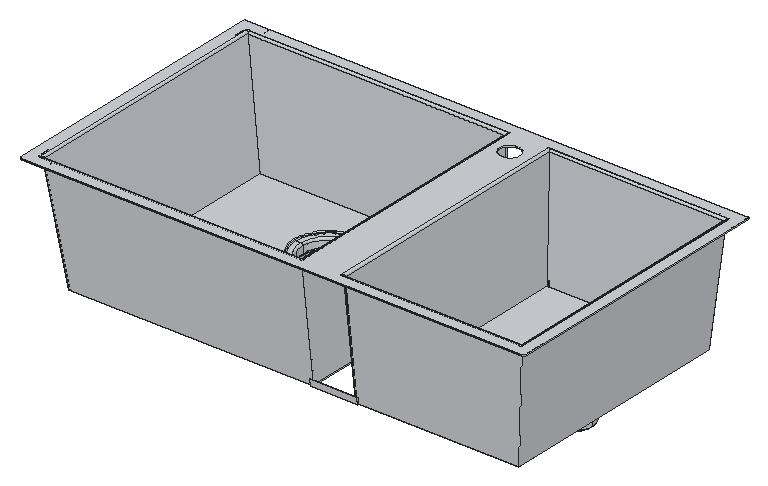
Revit family "Sink-Top_Undermount-Kitchen-KOHLER-GEOG-K-3748T_1", category Plumbing Fixtures, host Face, Revit 2017
Family settings
  Host = Face
  Round Connector Dimension = Use Diameter
  Part Type = Normal
  OmniClass Number = 23.31.13.00
  OmniClass Title = Sinks
  Cut with Voids When Loaded = No
  Shared = No
  Room Calculation Point = No
Parameters (values of type "NA-Stainless Steel")
  Width = 33.85827"  # constant formula
  WaterSense Certified = 1 = 0  # no
  Waste Water Outlet 2 = "Waste Water Outlet 2"  # constant formula
  Waste Water Outlet 1 = "Waste Water Outlet 1"  # constant formula
  Waste Connection = 1 = 1  # yes
  Vent Connection = 1 = 0  # no
  URL = "http://www.kohler.com.cn/"
  Type = 1
  Product Page URL = ""
  Product Name = "GEOG"  # constant formula
  Product Documentation Link = ""
  Model = "K-3748T-1F-NA"  # constant formula
  Material = "Stainless Steel"  # constant formula
  Master Format 2014 Name = "Residential Lavatories and Sinks"  # constant formula
  Master Format 2014 = "22 41 16"  # constant formula
  Manufacturer Address = "Kohler Beijing Office (100016) 36-2-03-B, No. 88, Liuxiang Road, Beijing"  # constant formula
  Manufacturer = "KOHLER Co."  # constant formula
  Length = 18.89764"  # constant formula
  Hot Water Inlet = "Hot Water Inlet"  # constant formula
  Height = 8.32677"  # constant formula
  HW Connection = 1 = 0  # no
  Finish = Kohler-Metal-NA-Stainless
  Environmental Product Declaration = ""
  Drain Included = 1 = 1  # yes
  Description = "1.5 Bowl"  # constant formula
  Default Elevation = 36"
  Declare Label = ""
  Date Modified = "11/12/2020"  # constant formula
  Date Created = "11/12/2020"  # constant formula
  Copyright = "Copyright KOHLER Co."  # constant formula
  Contact Us = "http://www.kohler.com.cn/contact/contact-us/"
  Cold Water Inlet = "Cold Water Inlet"  # constant formula
  CW Connection = 1 = 0  # no
  Assembly Code = "D2010400"
  ADA Compliant = 1 = 0  # no
Reference planes (in)
  plane 1 "Center (Front/Back)": y = 0
  plane 2: z = 0
  plane 3 "Center (Left/Right)": x = 0
  plane 4: y = 9.4488189
  plane 5: y = 7.0866142
  plane 6: y = 3.9370079
  plane 7: x = -6.8818898
  plane 8: x = 2.7559055
  plane 9: x = 9.6377953
  plane 10: x = 16.9291339
  plane 11: x = -16.9291339
  plane 12: y = -9.4488189
  plane 13: z = -8.2322835
  plane 14: z = -12.2401654
  plane 15: z = 0.0944882
Forms (in)
  Extrusion 1, void
    sketch origin (0, 0, 0) x (1, 0, 0) y (0, 1, 0)
      loop
        line (-16.2992126, 8.75) -> (-16.2992126, -8.75) -> (16.2992126, -8.75) -> (16.2992126, 8.75) -> (-16.2992126, 8.75)
    from 0 to -12.2401654
Dimensions and locks (in)
  "Length": plane 4 to plane 12
  "Width": plane 11 to plane 10
  plane 4 to plane 6 = 5.51181"
  plane 4 to plane 5 = 2.3622"
  plane 11 to plane 7 = 10.04724"
  plane 8 to plane 10 = 14.17323"
  plane 9 to plane 10 = 7.29134"
  plane 7 to plane 8 = 9.6378"
  "Height": plane 15 to plane 13
  plane 15 to plane 14 = 12.33465"
  plane 15 to level = 0.09449"
  aligned and locked: plane 2 to host face
  aligned and locked: level to host face
  aligned and locked: Extrusion 1 to plane 14
Automatic sketch dimensions
  host sketch curve to host sketch curve = 96"  (x2)
  Extrusion 1 sketch curve to plane 11 = 0.62992"
  Extrusion 1 sketch curve to plane 4 = 0.69882"
  Extrusion 1 sketch curve to plane 12 = 0.69882"
  plane 10 to Extrusion 1 sketch curve = 0.62992"
Nested families (in)
  nested 1: "K-3748T" at (0, 0, 0), type "K-3748T"
Connectors (in)
  piping at (-6.8818898, 3.9370079, -12.2401654), diameter 1.5, driven by "Waste Connection", driven by "Waste Water Outlet 1"
    settings: on nested 1, index 1, connector inside diameter 24", connector length 0", flow factor 0, pipe flow 0 GPM, pressure drop 0.00 psi, fitting loss kfactor 0, connector angle 0.00°, fixture units 0, engagement length 0", angle of deflection 0.00°, flow configuration 0, flow direction 2, fitting loss method 0, system type 16, joint type 0, gender type 0, connector reference index -1, connector utility 1, adjustable connector no, is connector primary yes, connector description "Waste Water Outlet 1"
  piping at (9.6377953, 3.9370079, -12.2401654), diameter 1.5, driven by "Waste Connection", driven by "Waste Water Outlet 2"
    settings: on nested 1, index 2, connector inside diameter 24", connector length 0", flow factor 0, pipe flow 0 GPM, pressure drop 0.00 psi, fitting loss kfactor 0, connector angle 0.00°, fixture units 0, engagement length 0", angle of deflection 0.00°, flow configuration 0, flow direction 2, fitting loss method 0, system type 16, joint type 0, gender type 0, connector reference index -1, connector utility 1, adjustable connector no, is connector primary no, connector description "Waste Water Outlet 2"
Definition of nested family "K-3748T"
  Parameters (values of type "K-3748T")
    Material = none
  Reference planes (in)
    plane 1 "Center (Front/Back)": y = 0
    plane 2: z = 0
    plane 3 "Center (Left/Right)": x = 0
    plane 4: x = -16.9291339
    plane 5: x = 16.9291339
    plane 6: y = 9.4488189
    plane 7: y = -9.4488189
    plane 8: x = -6.8818898
    plane 9: x = 9.6377953
    plane 10 "111": y = 3.9370079
    plane 11: x = 2.7559055
    plane 12: y = 7.0866142
    plane 13: z = -12.2401654
    plane 14: z = -8.2322835
    plane 15: z = 0.0944882
  Forms (in)
    Extrusion 1, solid, material <- "Material", detail levels medium+fine
      sketch origin (0, 0, 0) x (1, 0, 0) y (0, 1, 0)
        loop
          arc (-16.9291339, -9.2913386) -> (-16.8830089, -9.402694) -> (-16.7716535, -9.4488189) r 0.1574803
          line (-16.7716535, -9.4488189) -> (16.7716535, -9.4488189)
          arc (16.7716535, -9.4488189) -> (16.8830089, -9.402694) -> (16.9291339, -9.2913386) r 0.1574803
          line (16.9291339, -9.2913386) -> (16.9291339, 9.2913386)
          arc (16.9291339, 9.2913386) -> (16.8830089, 9.402694) -> (16.7716535, 9.4488189) r 0.1574803
          line (16.7716535, 9.4488189) -> (-16.7716535, 9.4488189)
          arc (-16.7716535, 9.4488189) -> (-16.8830089, 9.402694) -> (-16.9291339, 9.2913386) r 0.1574803
          line (-16.9291339, 9.2913386) -> (-16.9291339, -9.2913386)
        loop
          line (-16.1629489, 8.6967176) -> (-16.1629489, -8.6826339) -> (1.4566929, -8.6826339) -> (1.4566929, 8.6967176) -> (-16.1629489, 8.6967176)
        loop
          line (4.0551181, 8.6967176) -> (4.0551181, -8.6826339) -> (16.1629489, -8.6826339) -> (16.1629489, 8.6967176) -> (4.0551181, 8.6967176)
        loop
          circle (2.7559055, 7.0866142) r 0.6887804
      from 0.0472441 to 0.0944882
    Sweep 2, solid, material <- "Material", detail levels medium+fine
      path origin (0, 0, 0) x (1, 0, 0) y (0, 1, 0)
        loop
          line (1.4566929, -8.6826339) -> (-16.1629489, -8.6826339) -> (-16.1629489, 8.6967176)
      profile origin (-16.1629489, 0.0070419, 0) x (-1, 0, 0) y (0, 0, 1)
        loop
          line (0.0721036, 0.0472441) -> (0.0721036, 0.0944882) -> (0, 0.0944882)
          arc (0, 0.0944882) -> (-0.1043496, 0.0549537) -> (-0.1563065, -0.0438001) r 0.1574803
          line (-0.1563065, -0.0438001) -> (-1.1347559, -8.0126315) -> (-1.0871571, -8.0126315) -> (-0.1094145, -0.0495577)
          arc (-0.1094145, -0.0495577) -> (-0.0730447, 0.0195699) -> (0, 0.0472441) r 0.1102362
          line (0, 0.0472441) -> (0.0721036, 0.0472441)
    Sweep 3, solid, material <- "Material", detail levels medium+fine
      path origin (0, 0, 0) x (1, 0, 0) y (0, 1, 0)
        loop
          line (16.1629489, 8.6967176) -> (16.1629489, -8.6826339) -> (4.0551181, -8.6826339)
      profile origin (10.1090335, -8.6826339, 0) x (0, -1, 0) y (0, 0, 1)
        loop
          line (-0.1563065, -0.0438001) -> (-1.1347559, -8.0126315) -> (-1.0871571, -8.0126315) -> (-0.1094145, -0.0495577)
          arc (-0.1094145, -0.0495577) -> (-0.0730447, 0.0195699) -> (0, 0.0472441) r 0.1102362
          line (0, 0.0472441) -> (0, 0.0944882)
          arc (0, 0.0944882) -> (-0.1043496, 0.0549537) -> (-0.1563065, -0.0438001) r 0.1574803
    Sweep 4, solid, material <- "Material", detail levels medium+fine
      path origin (0, 0, 0) x (1, 0, 0) y (0, 1, 0)
        loop
          line (1.4566929, 8.6967176) -> (1.4566929, -8.6826339)
      profile origin (1.4566929, 0.0070419, 0) x (1, 0, 0) y (0, 0, 1)
        loop
          arc (-0.1102362, -0.0629921) -> (-0.0779488, 0.0149567) -> (0, 0.0472441) r 0.1102362
          line (0, 0.0472441) -> (0, 0.0944882)
          arc (0, 0.0944882) -> (-0.1113554, 0.0483633) -> (-0.1574803, -0.0629921) r 0.1574803
          line (-0.1574803, -0.0629921) -> (-0.1574803, -8.0126315) -> (-0.1102362, -8.0126315) -> (-0.1102362, -0.0629921)
        loop
          line (2.7559055, -8.0126315) -> (2.7559055, -0.0629921)
          arc (2.7559055, -0.0629921) -> (2.7094521, 0.0486908) -> (2.5974975, 0.0944855) r 0.1574803
          line (2.5974975, 0.0944855) -> (2.5974975, 0.0472441)
          arc (2.5974975, 0.0472441) -> (2.6761023, 0.0146849) -> (2.7086614, -0.0639198) r 0.1111639
          line (2.7086614, -0.0639198) -> (2.7086614, -8.0126315) -> (2.7559055, -8.0126315)
    Sweep 5, solid, material <- "Material", detail levels medium+fine
      path origin (0, 0, 0) x (1, 0, 0) y (0, 1, 0)
        loop
          line (-16.1629489, 8.6967176) -> (1.4566929, 8.6967176)
      profile origin (-7.353128, 8.6967176, 0) x (0, 1, 0) y (0, 0, 1)
        loop
          line (-0.1574264, -0.0588698) -> (-0.3657029, -8.0126315) -> (-0.3184426, -8.0126315) -> (-0.1101984, -0.0601065)
          arc (-0.1101984, -0.0601065) -> (-0.0769218, 0.0159703) -> (0, 0.0472441) r 0.1102362
          line (0, 0.0472441) -> (0, 0.0944882)
          arc (0, 0.0944882) -> (-0.1098883, 0.0498113) -> (-0.1574264, -0.0588698) r 0.1574803
    Sweep 6, solid, material <- "Material", detail levels medium+fine
      path origin (0, 0, 0) x (1, 0, 0) y (0, 1, 0)
        loop
          line (4.0551181, 8.6967176) -> (16.1629489, 8.6967176)
      profile origin (10.1090335, 8.6967176, 0) x (0, 1, 0) y (0, 0, 1)
        loop
          line (-0.1574264, -0.0588698) -> (-0.3657029, -8.0126315) -> (-0.3184426, -8.0126315) -> (-0.1101984, -0.0601065)
          arc (-0.1101984, -0.0601065) -> (-0.0769218, 0.0159703) -> (0, 0.0472441) r 0.1102362
          line (0, 0.0472441) -> (0, 0.0944882)
          arc (0, 0.0944882) -> (-0.1098883, 0.0498113) -> (-0.1574264, -0.0588698) r 0.1574803
    Extrusion 7, void
      sketch origin (0, 0, 0) x (0, 1, 0) y (0, 0, 1)
        loop
          arc (-8.5732194, -0.0495577) -> (-8.6095892, 0.0195699) -> (-8.6826339, 0.0472441) r 0.1102362
          line (-8.6826339, 0.0472441) -> (-8.7547375, 0.0472441) -> (-8.7547375, -8.0126315) -> (-7.5954768, -8.0126315) -> (-8.5732194, -0.0495577)
      from 0 to 5.534003
    Extrusion 8, void
      sketch origin (0, 0, 0) x (0, 1, 0) y (0, 0, 1)
        loop
          line (8.3779872, -8.023622) -> (8.7556227, -8.023622) -> (8.7556227, 0.0472441) -> (8.6967176, 0.0472441)
          arc (8.6967176, 0.0472441) -> (8.6197958, 0.0159703) -> (8.5865192, -0.0601065) r 0.1102362
          line (8.5865192, -0.0601065) -> (8.3779872, -8.023622)
      from -18.870512 to 17.5648998
    Extrusion 9, void
      sketch origin (0, 0, 0) x (1, 0, 0) y (0, 0, 1)
        loop
          line (15.0577005, -8.1599737) -> (16.2757974, -8.1599737) -> (16.2757974, 0.0472441) -> (16.1629489, 0.0472441)
          arc (16.1629489, 0.0472441) -> (16.0899041, 0.0195699) -> (16.0535343, -0.0495577) r 0.1102362
          line (16.0535343, -0.0495577) -> (15.0577005, -8.1599737)
        loop
          line (1.3464567, -8.1364914) -> (4.1653543, -8.1364914) -> (4.1653543, -0.0639198)
          arc (4.1653543, -0.0639198) -> (4.1327952, 0.0146849) -> (4.0541904, 0.0472441) r 0.1111639
          line (4.0541904, 0.0472441) -> (1.4566929, 0.0472441)
          arc (1.4566929, 0.0472441) -> (1.3787441, 0.0149567) -> (1.3464567, -0.0629921) r 0.1102362
          line (1.3464567, -0.0629921) -> (1.3464567, -8.1364914)
        loop
          arc (-16.0535343, -0.0495577) -> (-16.0899041, 0.0195699) -> (-16.1629489, 0.0472441) r 0.1102362
          line (-16.1629489, 0.0472441) -> (-16.3415092, 0.0472441) -> (-16.3415092, -8.2080146) -> (-15.0518018, -8.2080146) -> (-16.0535343, -0.0495577)
      from -9.8141823 to 9.8425197
    Extrusion 10, solid, material <- "Material", detail levels medium+fine
      sketch origin (0, 0, 0) x (1, 0, 0) y (0, 1, 0)
        loop
          line (15.0757918, -7.5954768) -> (15.0757918, 8.378275) -> (4.1653543, 8.378275) -> (4.1653543, -7.5954768) -> (15.0757918, -7.5954768)
        loop
          line (1.3464567, -7.5954768) -> (1.3464567, 8.378275) -> (-15.0757918, 8.378275) -> (-15.0757918, -7.5954768) -> (1.3464567, -7.5954768)
        loop
          circle (9.6377953, 3.9370079) r 2.4246525
        loop
          circle (-6.8818898, 3.9370079) r 2.4246525
      from -8.0126315 to -7.9645669
    Revolve 11, solid, material <- "Material", detail levels medium+fine
      sketch origin (0, 3.9370079, 0) x (-1, 0, 0) y (0, 0, 1)
        loop
          arc (9.2167035, -7.9645669) -> (9.1865276, -7.9719166) -> (9.1631111, -7.9923191) r 0.0656224
          line (9.1631111, -7.9923191) -> (9.0593003, -8.1392282)
          arc (9.0593003, -8.1392282) -> (9.0477539, -8.1500368) -> (9.0328751, -8.1553999) r 0.0391817
          line (9.0328751, -8.1553999) -> (8.823716, -8.1854589) -> (8.8304366, -8.2322225) -> (9.0515459, -8.2004462)
          arc (9.0515459, -8.2004462) -> (9.0737136, -8.1924557) -> (9.0909162, -8.1763522) r 0.058376
          line (9.0909162, -8.1763522) -> (9.1877749, -8.0392815)
          arc (9.1877749, -8.0392815) -> (9.2102615, -8.0196892) -> (9.2392389, -8.0126315) r 0.0630162
          line (9.2392389, -8.0126315) -> (9.3065423, -8.0126315) -> (9.3065423, -7.9645669) -> (9.2167035, -7.9645669)
        axis (6.8818898, -7.9645669) -> (6.8818898, -8.2322225)
      angle from 0 to 360
    Revolve 12, solid, material <- "Material", detail levels medium+fine
      sketch origin (2.7559055, 3.9370079, 0) x (1, 0, 0) y (0, 0, 1)
        loop
          arc (9.2167035, -7.9645669) -> (9.1865276, -7.9719166) -> (9.1631111, -7.9923191) r 0.0656224
          line (9.1631111, -7.9923191) -> (9.0593003, -8.1392282)
          arc (9.0593003, -8.1392282) -> (9.0477539, -8.1500368) -> (9.0328751, -8.1553999) r 0.0391817
          line (9.0328751, -8.1553999) -> (8.823716, -8.1854589) -> (8.8304366, -8.2322225) -> (9.0515459, -8.2004462)
          arc (9.0515459, -8.2004462) -> (9.0737136, -8.1924557) -> (9.0909162, -8.1763522) r 0.058376
          line (9.0909162, -8.1763522) -> (9.1877749, -8.0392815)
          arc (9.1877749, -8.0392815) -> (9.2102615, -8.0196892) -> (9.2392389, -8.0126315) r 0.0630162
          line (9.2392389, -8.0126315) -> (9.3065423, -8.0126315) -> (9.3065423, -7.9645669) -> (9.2167035, -7.9645669)
        axis (6.8818898, -7.9645669) -> (6.8818898, -8.2322225)
      angle from 0 to 360
    Revolve 13, solid, material <- "Material", detail levels medium+fine
      sketch origin (0, 3.9370079, 0) x (-1, 0, 0) y (0, 0, 1)
        loop
          line (7.9977165, -12.2401654) -> (7.9977165, -12.1716681) -> (8.0539909, -12.1391781) -> (8.0539909, -11.6082591) -> (7.9976949, -11.5757566) -> (7.9976949, -11.5315039) -> (8.2861669, -11.5315039)
          arc (8.2861669, -11.5315039) -> (8.5596545, -11.4210078) -> (8.6796279, -11.1515431) r 0.3937008
          line (8.6796279, -11.1515431) -> (8.7633331, -8.7545394)
          arc (8.7633331, -8.7545394) -> (8.7753304, -8.7275929) -> (8.8026792, -8.7165433) r 0.0393701
          line (8.8026792, -8.7165433) -> (9.1796686, -8.7165433)
          arc (9.1796686, -8.7165433) -> (9.2068671, -8.7055544) -> (9.2187986, -8.6787559) r 0.0391538
          line (9.2187986, -8.6787559) -> (9.2318235, -8.3057718) -> (9.1530353, -8.3057718) -> (9.1414405, -8.6378031) -> (8.8026792, -8.6378031)
          arc (8.8026792, -8.6378031) -> (8.7206329, -8.670952) -> (8.6846409, -8.7517914) r 0.1181102
          line (8.6846409, -8.7517914) -> (8.6009357, -11.1487951)
          arc (8.6009357, -11.1487951) -> (8.5049569, -11.3643669) -> (8.2861669, -11.4527638) r 0.3149606
          line (8.2861669, -11.4527638) -> (8.0155818, -11.4527638)
          arc (8.0155818, -11.4527638) -> (7.9472714, -11.4810588) -> (7.9189764, -11.5493692) r 0.0966054
          line (7.9189764, -11.5493692) -> (7.9189764, -12.2401654) -> (7.9977165, -12.2401654)
        loop
          line (9.1256693, -8.1850472) -> (9.0935363, -8.1850472) -> (8.9359114, -8.6181181) -> (9.1105461, -8.6181181) -> (9.1256693, -8.1850472)
        axis (6.8818898, -8.1850472) -> (6.8818898, -12.2401654)
      angle from 0 to 360
    Revolve 14, solid, material <- "Material", detail levels medium+fine
      sketch origin (2.7559055, 3.9370079, 0) x (1, 0, 0) y (0, 0, 1)
        loop
          line (7.9977165, -12.2401654) -> (7.9977165, -12.1716681) -> (8.0539909, -12.1391781) -> (8.0539909, -11.6082591) -> (7.9976949, -11.5757566) -> (7.9976949, -11.5315039) -> (8.2861669, -11.5315039)
          arc (8.2861669, -11.5315039) -> (8.5596545, -11.4210078) -> (8.6796279, -11.1515431) r 0.3937008
          line (8.6796279, -11.1515431) -> (8.7633331, -8.7545394)
          arc (8.7633331, -8.7545394) -> (8.7753304, -8.7275929) -> (8.8026792, -8.7165433) r 0.0393701
          line (8.8026792, -8.7165433) -> (9.1796686, -8.7165433)
          arc (9.1796686, -8.7165433) -> (9.2068671, -8.7055544) -> (9.2187986, -8.6787559) r 0.0391538
          line (9.2187986, -8.6787559) -> (9.2318235, -8.3057718) -> (9.1530353, -8.3057718) -> (9.1414405, -8.6378031) -> (8.8026792, -8.6378031)
          arc (8.8026792, -8.6378031) -> (8.7206329, -8.670952) -> (8.6846409, -8.7517914) r 0.1181102
          line (8.6846409, -8.7517914) -> (8.6009357, -11.1487951)
          arc (8.6009357, -11.1487951) -> (8.5049569, -11.3643669) -> (8.2861669, -11.4527638) r 0.3149606
          line (8.2861669, -11.4527638) -> (8.0155818, -11.4527638)
          arc (8.0155818, -11.4527638) -> (7.9472714, -11.4810588) -> (7.9189764, -11.5493692) r 0.0966054
          line (7.9189764, -11.5493692) -> (7.9189764, -12.2401654) -> (7.9977165, -12.2401654)
        loop
          line (9.1255709, -8.1850472) -> (9.0934379, -8.1850472) -> (8.9358129, -8.6181181) -> (9.1104477, -8.6181181) -> (9.1255709, -8.1850472)
        axis (6.8818898, -8.1850472) -> (6.8818898, -12.2401654)
      angle from 0 to 360
    Revolve 15, solid, material <- "Material", detail levels medium+fine
      sketch origin (0, 3.9370079, 0) x (-1, 0, 0) y (0, 0, 1)
        loop
          line (5.2288416, -8.6378031) -> (5.2907915, -9.8198793)
          arc (5.2907915, -9.8198793) -> (5.3394554, -9.9254393) -> (5.4474176, -9.9685118) r 0.156841
          line (5.4474176, -9.9685118) -> (6.8818898, -9.9685118) -> (6.8818898, -8.9330787) -> (6.6130429, -8.9330787)
          arc (6.6130429, -8.9330787) -> (6.5343028, -9.0118189) -> (6.6130429, -9.0905591) r 0.0787402
          line (6.6130429, -9.0905591) -> (6.7240945, -9.0905591) -> (6.7240945, -9.9370157) -> (5.4474176, -9.9370157)
          arc (5.4474176, -9.9370157) -> (5.3611358, -9.9025928) -> (5.3222444, -9.8182309) r 0.1253449
          line (5.3222444, -9.8182309) -> (5.2602945, -8.6361548)
          arc (5.2602945, -8.6361548) -> (5.1881834, -8.5999816) -> (5.1939243, -8.6804524) r 0.0464104
          line (5.1939243, -8.6804524) -> (5.1939243, -8.6378031)
          arc (5.1939243, -8.6378031) -> (5.2113829, -8.6212355) -> (5.2288416, -8.6378031) r 0.0174826
        loop
          arc (4.6534916, -8.0236299) -> (4.6377435, -8.039378) -> (4.6534916, -8.055126) r 0.015748
          line (4.6534916, -8.055126) -> (5.0152659, -8.055126)
          arc (5.0152659, -8.055126) -> (5.086336, -8.0845642) -> (5.1157742, -8.1556342) r 0.1005083
          line (5.1157742, -8.1556342) -> (5.1157742, -8.732521) -> (5.2108497, -8.732521) -> (5.2108497, -8.7010249) -> (5.1472702, -8.7010249) -> (5.1472702, -8.1556342)
          arc (5.1472702, -8.1556342) -> (5.1086071, -8.0622931) -> (5.0152659, -8.0236299) r 0.1320043
          line (5.0152659, -8.0236299) -> (4.6534916, -8.0236299)
        axis (6.8818898, -8.0236299) -> (6.8818898, -9.9685118)
      angle from 0 to 360
    Revolve 16, solid, material <- "Material", detail levels medium+fine
      sketch origin (2.7559055, 3.9370079, 0) x (1, 0, 0) y (0, 0, 1)
        loop
          line (5.2288416, -8.6378031) -> (5.2907915, -9.8198793)
          arc (5.2907915, -9.8198793) -> (5.3394554, -9.9254393) -> (5.4474176, -9.9685118) r 0.156841
          line (5.4474176, -9.9685118) -> (6.8818898, -9.9685118) -> (6.8818898, -8.9330787) -> (6.6130429, -8.9330787)
          arc (6.6130429, -8.9330787) -> (6.5343028, -9.0118189) -> (6.6130429, -9.0905591) r 0.0787402
          line (6.6130429, -9.0905591) -> (6.7240945, -9.0905591) -> (6.7240945, -9.9370157) -> (5.4474176, -9.9370157)
          arc (5.4474176, -9.9370157) -> (5.3611358, -9.9025928) -> (5.3222444, -9.8182309) r 0.1253449
          line (5.3222444, -9.8182309) -> (5.2602945, -8.6361548)
          arc (5.2602945, -8.6361548) -> (5.1881834, -8.5999816) -> (5.1939243, -8.6804524) r 0.0464104
          line (5.1939243, -8.6804524) -> (5.1939243, -8.6378031)
          arc (5.1939243, -8.6378031) -> (5.2113829, -8.6212355) -> (5.2288416, -8.6378031) r 0.0174826
        loop
          arc (4.6534916, -8.0236299) -> (4.6377435, -8.039378) -> (4.6534916, -8.055126) r 0.015748
          line (4.6534916, -8.055126) -> (5.0152659, -8.055126)
          arc (5.0152659, -8.055126) -> (5.086336, -8.0845642) -> (5.1157742, -8.1556342) r 0.1005083
          line (5.1157742, -8.1556342) -> (5.1157742, -8.732521) -> (5.2108497, -8.732521) -> (5.2108497, -8.7010249) -> (5.1472702, -8.7010249) -> (5.1472702, -8.1556342)
          arc (5.1472702, -8.1556342) -> (5.1086071, -8.0622931) -> (5.0152659, -8.0236299) r 0.1320043
          line (5.0152659, -8.0236299) -> (4.6534916, -8.0236299)
        axis (6.8818898, -8.0236299) -> (6.8818898, -9.9685118)
      angle from 0 to 360
    Extrusion 17, solid, material <- "Material", detail levels medium+fine
      sketch origin (0, 0, 0) x (0, 1, 0) y (0, 0, 1)
        loop
          line (-7.6434135, -7.6222187) -> (-7.6830792, -7.6222187) -> (-7.6302651, -8.052355) -> (-7.2017327, -8.052355) -> (-7.2017327, -8.0129877) -> (-7.5954331, -8.0129877) -> (-7.6434135, -7.6222187)
        loop
          line (8.3875541, -7.6582775) -> (8.3782951, -8.0118648) -> (8.0229274, -8.0118648) -> (8.0229274, -8.0519783) -> (8.4166282, -8.0519783) -> (8.4269376, -7.6582775) -> (8.3875541, -7.6582775)
      from 1.1811024 to 4.3307087
    Extrusion 18, void
      sketch origin (0, 0, 0) x (1, 0, 0) y (0, 1, 0)
        loop
          arc (-6.9189254, 5.2889029) -> (-7.0158925, 5.1335504) -> (-7.0664582, 4.9575387) r 0.6602737
          arc (-7.0664582, 4.9575387) -> (-7.0095708, 4.8818893) -> (-6.9339214, 4.9387767) r 0.0669291
          arc (-6.9339214, 4.9387767) -> (-6.8936069, 5.0791053) -> (-6.8162981, 5.202963) r 0.5264154
          arc (-6.8162981, 5.202963) -> (-6.8246418, 5.2972466) -> (-6.9189254, 5.2889029) r 0.0669291
        loop
          arc (-6.4319896, 5.212383) -> (-6.5781896, 5.1020988) -> (-6.6884738, 4.9558989) r 0.6602737
          arc (-6.6884738, 4.9558989) -> (-6.6624751, 4.8648874) -> (-6.5714636, 4.8908861) r 0.0669291
          arc (-6.5714636, 4.8908861) -> (-6.4835375, 5.0074467) -> (-6.3669769, 5.0953728) r 0.5264154
          arc (-6.3669769, 5.0953728) -> (-6.3409782, 5.1863843) -> (-6.4319896, 5.212383) r 0.0669291
        loop
          arc (-6.0048183, 4.9664433) -> (-6.18083, 4.9158776) -> (-6.3361825, 4.8189105) r 0.6602737
          arc (-6.3361825, 4.8189105) -> (-6.3445262, 4.7246269) -> (-6.2502426, 4.7162832) r 0.0669291
          arc (-6.2502426, 4.7162832) -> (-6.1263849, 4.793592) -> (-5.9860563, 4.8339065) r 0.5264154
          arc (-5.9860563, 4.8339065) -> (-5.9291688, 4.9095559) -> (-6.0048183, 4.9664433) r 0.0669291
        loop
          arc (-5.6941563, 4.5837544) -> (-5.8765985, 4.5996241) -> (-6.0563825, 4.5647709) r 0.6602737
          arc (-6.0563825, 4.5647709) -> (-6.0979602, 4.4797397) -> (-6.012929, 4.4381619) r 0.0669291
          arc (-6.012929, 4.4381619) -> (-5.8695929, 4.4659493) -> (-5.7241375, 4.4532968) r 0.5264154
          arc (-5.7241375, 4.4532968) -> (-5.6439181, 4.503535) -> (-5.6941563, 4.5837544) r 0.0669291
        loop
          arc (-5.5412718, 4.1151521) -> (-5.7059091, 4.1953493) -> (-5.8862422, 4.2272398) r 0.6602737
          arc (-5.8862422, 4.2272398) -> (-5.9555308, 4.1627564) -> (-5.8910475, 4.0934678) r 0.0669291
          arc (-5.8910475, 4.0934678) -> (-5.7472736, 4.0680425) -> (-5.6160135, 4.0041038) r 0.5264154
          arc (-5.6160135, 4.0041038) -> (-5.5231185, 4.0222572) -> (-5.5412718, 4.1151521) r 0.0669291
        loop
          arc (-5.5664739, 3.6228854) -> (-5.691436, 3.7567566) -> (-5.8483629, 3.8511545) r 0.6602737
          arc (-5.8483629, 3.8511545) -> (-5.9361581, 3.815785) -> (-5.9007886, 3.7279897) r 0.0669291
          arc (-5.9007886, 3.7279897) -> (-5.7756757, 3.6527292) -> (-5.6760474, 3.5459979) r 0.5264154
          arc (-5.6760474, 3.5459979) -> (-5.5828169, 3.5296549) -> (-5.5664739, 3.6228854) r 0.0669291
        loop
          arc (-5.7664147, 3.1723464) -> (-5.8351017, 3.3421083) -> (-5.9477764, 3.486474) r 0.6602737
          arc (-5.9477764, 3.486474) -> (-6.0424156, 3.4849166) -> (-6.0408583, 3.3902774) r 0.0669291
          arc (-6.0408583, 3.3902774) -> (-5.9510264, 3.2751792) -> (-5.8962644, 3.1398333) r 0.5264154
          arc (-5.8962644, 3.1398333) -> (-5.815083, 3.091165) -> (-5.7664147, 3.1723464) r 0.0669291
        loop
          arc (-6.1145343, 2.8233844) -> (-6.1178219, 3.006486) -> (-6.1712767, 3.1816419) r 0.6602737
          arc (-6.1712767, 3.1816419) -> (-6.2601882, 3.2141037) -> (-6.29265, 3.1251923) r 0.0669291
          arc (-6.29265, 3.1251923) -> (-6.2500321, 2.9855459) -> (-6.247411, 2.8395648) r 0.5264154
          arc (-6.247411, 2.8395648) -> (-6.1890629, 2.7650362) -> (-6.1145343, 2.8233844) r 0.0669291
        loop
          arc (-6.5645887, 2.6223551) -> (-6.5020401, 2.7944734) -> (-6.4891743, 2.9771521) r 0.6602737
          arc (-6.4891743, 2.9771521) -> (-6.560547, 3.0393208) -> (-6.6227157, 2.967948) r 0.0669291
          arc (-6.6227157, 2.967948) -> (-6.6329733, 2.8223041) -> (-6.6828413, 2.6850796) r 0.5264154
          arc (-6.6828413, 2.6850796) -> (-6.6550772, 2.5945911) -> (-6.5645887, 2.6223551) r 0.0669291
        loop
          arc (-7.0567931, 2.5959633) -> (-6.9367173, 2.7342341) -> (-6.8592398, 2.9001686) r 0.6602737
          arc (-6.8592398, 2.9001686) -> (-6.9035927, 2.9837858) -> (-6.9872099, 2.9394329) r 0.0669291
          arc (-6.9872099, 2.9394329) -> (-7.0489803, 2.8071386) -> (-7.1447129, 2.6968996) r 0.5264154
          arc (-7.1447129, 2.6968996) -> (-7.1512212, 2.6024715) -> (-7.0567931, 2.5959633) r 0.0669291
        loop
          arc (-7.5257635, 2.7477146) -> (-7.3641113, 2.8337703) -> (-7.2323142, 2.960918) r 0.6602737
          arc (-7.2323142, 2.960918) -> (-7.2437555, 3.0548761) -> (-7.3377135, 3.0434348) r 0.0669291
          arc (-7.3377135, 3.0434348) -> (-7.4427912, 2.9420639) -> (-7.5716714, 2.8734544) r 0.5264154
          arc (-7.5716714, 2.8734544) -> (-7.6115873, 2.7876306) -> (-7.5257635, 2.7477146) r 0.0669291
        loop
          arc (-7.9092022, 3.0574507) -> (-7.7274473, 3.0798596) -> (-7.5588384, 3.1513304) r 0.6602737
          arc (-7.5588384, 3.1513304) -> (-7.5358483, 3.243148) -> (-7.6276658, 3.2661382) r 0.0669291
          arc (-7.6276658, 3.2661382) -> (-7.7620924, 3.2091567) -> (-7.9069999, 3.1912908) r 0.5264154
          arc (-7.9069999, 3.1912908) -> (-7.9750211, 3.1254719) -> (-7.9092022, 3.0574507) r 0.0669291
        loop
          arc (-8.1561737, 3.4840264) -> (-7.9784602, 3.4398117) -> (-7.7954374, 3.4461115) r 0.6602737
          arc (-7.7954374, 3.4461115) -> (-7.7410698, 3.5235916) -> (-7.8185499, 3.5779593) r 0.0669291
          arc (-7.8185499, 3.5779593) -> (-7.9644682, 3.5729367) -> (-8.1061536, 3.6081876) r 0.5264154
          arc (-8.1061536, 3.6081876) -> (-8.1932443, 3.5711171) -> (-8.1561737, 3.4840264) r 0.0669291
        loop
          arc (-8.2338704, 3.9707757) -> (-8.0838056, 3.865811) -> (-7.9106815, 3.8061028) r 0.6602737
          arc (-7.9106815, 3.8061028) -> (-7.8321585, 3.8589531) -> (-7.8850089, 3.9374761) r 0.0669291
          arc (-7.8850089, 3.9374761) -> (-8.0230352, 3.9850796) -> (-8.1426771, 4.0687647) r 0.5264154
          arc (-8.1426771, 4.0687647) -> (-8.2372682, 4.0653668) -> (-8.2338704, 3.9707757) r 0.0669291
        loop
          arc (-8.1319711, 4.4530394) -> (-8.0294896, 4.301268) -> (-7.8892618, 4.1834834) r 0.6602737
          arc (-7.8892618, 4.1834834) -> (-7.7970144, 4.2046833) -> (-7.8182143, 4.2969307) r 0.0669291
          arc (-7.8182143, 4.2969307) -> (-7.9300135, 4.3908366) -> (-8.0117188, 4.5118392) r 0.5264154
          arc (-8.0117188, 4.5118392) -> (-8.1012448, 4.5425655) -> (-8.1319711, 4.4530394) r 0.0669291
        loop
          arc (-7.864012, 4.8667539) -> (-7.8227273, 4.688337) -> (-7.7340236, 4.5281225) r 0.6602737
          arc (-7.7340236, 4.5281225) -> (-7.6403059, 4.5148558) -> (-7.6270392, 4.6085735) r 0.0669291
          arc (-7.6270392, 4.6085735) -> (-7.6977599, 4.7363075) -> (-7.7306749, 4.8785537) r 0.5264154
          arc (-7.7306749, 4.8785537) -> (-7.8032434, 4.9393224) -> (-7.864012, 4.8667539) r 0.0669291
        loop
          arc (-7.4655887, 5.1569617) -> (-7.490985, 4.9756) -> (-7.4655887, 4.7942384) r 0.6602737
          arc (-7.4655887, 4.7942384) -> (-7.3828501, 4.7482674) -> (-7.3368791, 4.8310061) r 0.0669291
          arc (-7.3368791, 4.8310061) -> (-7.3571268, 4.9756) -> (-7.3368791, 5.120194) r 0.5264154
          arc (-7.3368791, 5.120194) -> (-7.3828501, 5.2029326) -> (-7.4655887, 5.1569617) r 0.0669291
        loop
          arc (9.6007597, 5.2889029) -> (9.5037925, 5.1335504) -> (9.4532268, 4.9575387) r 0.6602737
          arc (9.4532268, 4.9575387) -> (9.5101143, 4.8818893) -> (9.5857637, 4.9387767) r 0.0669291
          arc (9.5857637, 4.9387767) -> (9.6260782, 5.0791053) -> (9.703387, 5.202963) r 0.5264154
          arc (9.703387, 5.202963) -> (9.6950433, 5.2972466) -> (9.6007597, 5.2889029) r 0.0669291
        loop
          arc (10.0876954, 5.212383) -> (9.9414954, 5.1020988) -> (9.8312113, 4.9558989) r 0.6602737
          arc (9.8312113, 4.9558989) -> (9.85721, 4.8648874) -> (9.9482214, 4.8908861) r 0.0669291
          arc (9.9482214, 4.8908861) -> (10.0361475, 5.0074467) -> (10.1527081, 5.0953728) r 0.5264154
          arc (10.1527081, 5.0953728) -> (10.1787068, 5.1863843) -> (10.0876954, 5.212383) r 0.0669291
        loop
          arc (10.5148668, 4.9664433) -> (10.3388551, 4.9158776) -> (10.1835026, 4.8189105) r 0.6602737
          arc (10.1835026, 4.8189105) -> (10.1751588, 4.7246269) -> (10.2694425, 4.7162832) r 0.0669291
          arc (10.2694425, 4.7162832) -> (10.3933001, 4.793592) -> (10.5336287, 4.8339065) r 0.5264154
          arc (10.5336287, 4.8339065) -> (10.5905162, 4.9095559) -> (10.5148668, 4.9664433) r 0.0669291
        loop
          arc (10.8255287, 4.5837544) -> (10.6430865, 4.5996241) -> (10.4633025, 4.5647709) r 0.6602737
          arc (10.4633025, 4.5647709) -> (10.4217248, 4.4797397) -> (10.506756, 4.4381619) r 0.0669291
          arc (10.506756, 4.4381619) -> (10.6500921, 4.4659493) -> (10.7955476, 4.4532968) r 0.5264154
          arc (10.7955476, 4.4532968) -> (10.8757669, 4.503535) -> (10.8255287, 4.5837544) r 0.0669291
        loop
          arc (10.9784132, 4.1151521) -> (10.8137759, 4.1953493) -> (10.6334428, 4.2272398) r 0.6602737
          arc (10.6334428, 4.2272398) -> (10.5641542, 4.1627564) -> (10.6286376, 4.0934678) r 0.0669291
          arc (10.6286376, 4.0934678) -> (10.7724114, 4.0680425) -> (10.9036716, 4.0041038) r 0.5264154
          arc (10.9036716, 4.0041038) -> (10.9965665, 4.0222572) -> (10.9784132, 4.1151521) r 0.0669291
        loop
          arc (10.9532111, 3.6228854) -> (10.8282491, 3.7567566) -> (10.6713222, 3.8511545) r 0.6602737
          arc (10.6713222, 3.8511545) -> (10.5835269, 3.815785) -> (10.6188965, 3.7279897) r 0.0669291
          arc (10.6188965, 3.7279897) -> (10.7440093, 3.6527292) -> (10.8436376, 3.5459979) r 0.5264154
          arc (10.8436376, 3.5459979) -> (10.9368681, 3.5296549) -> (10.9532111, 3.6228854) r 0.0669291
        loop
          arc (10.7532703, 3.1723464) -> (10.6845833, 3.3421083) -> (10.5719087, 3.486474) r 0.6602737
          arc (10.5719087, 3.486474) -> (10.4772694, 3.4849166) -> (10.4788267, 3.3902774) r 0.0669291
          arc (10.4788267, 3.3902774) -> (10.5686587, 3.2751792) -> (10.6234206, 3.1398333) r 0.5264154
          arc (10.6234206, 3.1398333) -> (10.704602, 3.091165) -> (10.7532703, 3.1723464) r 0.0669291
        loop
          arc (10.4051508, 2.8233844) -> (10.4018632, 3.006486) -> (10.3484083, 3.1816419) r 0.6602737
          arc (10.3484083, 3.1816419) -> (10.2594969, 3.2141037) -> (10.2270351, 3.1251923) r 0.0669291
          arc (10.2270351, 3.1251923) -> (10.2696529, 2.9855459) -> (10.272274, 2.8395648) r 0.5264154
          arc (10.272274, 2.8395648) -> (10.3306222, 2.7650362) -> (10.4051508, 2.8233844) r 0.0669291
        loop
          arc (9.9550964, 2.6223551) -> (10.0176449, 2.7944734) -> (10.0305108, 2.9771521) r 0.6602737
          arc (10.0305108, 2.9771521) -> (9.959138, 3.0393208) -> (9.8969693, 2.967948) r 0.0669291
          arc (9.8969693, 2.967948) -> (9.8867118, 2.8223041) -> (9.8368438, 2.6850796) r 0.5264154
          arc (9.8368438, 2.6850796) -> (9.8646078, 2.5945911) -> (9.9550964, 2.6223551) r 0.0669291
        loop
          arc (9.462892, 2.5959633) -> (9.5829677, 2.7342341) -> (9.6604452, 2.9001686) r 0.6602737
          arc (9.6604452, 2.9001686) -> (9.6160923, 2.9837858) -> (9.5324751, 2.9394329) r 0.0669291
          arc (9.5324751, 2.9394329) -> (9.4707047, 2.8071386) -> (9.3749721, 2.6968996) r 0.5264154
          arc (9.3749721, 2.6968996) -> (9.3684639, 2.6024715) -> (9.462892, 2.5959633) r 0.0669291
        loop
          arc (8.9939216, 2.7477146) -> (9.1555738, 2.8337703) -> (9.2873709, 2.960918) r 0.6602737
          arc (9.2873709, 2.960918) -> (9.2759296, 3.0548761) -> (9.1819715, 3.0434348) r 0.0669291
          arc (9.1819715, 3.0434348) -> (9.0768939, 2.9420639) -> (8.9480136, 2.8734544) r 0.5264154
          arc (8.9480136, 2.8734544) -> (8.9080977, 2.7876306) -> (8.9939216, 2.7477146) r 0.0669291
        loop
          arc (8.6104828, 3.0574507) -> (8.7922377, 3.0798596) -> (8.9608466, 3.1513304) r 0.6602737
          arc (8.9608466, 3.1513304) -> (8.9838368, 3.243148) -> (8.8920192, 3.2661382) r 0.0669291
          arc (8.8920192, 3.2661382) -> (8.7575927, 3.2091567) -> (8.6126852, 3.1912908) r 0.5264154
          arc (8.6126852, 3.1912908) -> (8.5446639, 3.1254719) -> (8.6104828, 3.0574507) r 0.0669291
        loop
          arc (8.3635113, 3.4840264) -> (8.5412248, 3.4398117) -> (8.7242476, 3.4461115) r 0.6602737
          arc (8.7242476, 3.4461115) -> (8.7786153, 3.5235916) -> (8.7011351, 3.5779593) r 0.0669291
          arc (8.7011351, 3.5779593) -> (8.5552168, 3.5729367) -> (8.4135315, 3.6081876) r 0.5264154
          arc (8.4135315, 3.6081876) -> (8.3264408, 3.5711171) -> (8.3635113, 3.4840264) r 0.0669291
        loop
          arc (8.2858147, 3.9707757) -> (8.4358794, 3.865811) -> (8.6090035, 3.8061028) r 0.6602737
          arc (8.6090035, 3.8061028) -> (8.6875265, 3.8589531) -> (8.6346762, 3.9374761) r 0.0669291
          arc (8.6346762, 3.9374761) -> (8.4966498, 3.9850796) -> (8.3770079, 4.0687647) r 0.5264154
          arc (8.3770079, 4.0687647) -> (8.2824168, 4.0653668) -> (8.2858147, 3.9707757) r 0.0669291
        loop
          arc (8.387714, 4.4530394) -> (8.4901955, 4.301268) -> (8.6304232, 4.1834834) r 0.6602737
          arc (8.6304232, 4.1834834) -> (8.7226706, 4.2046833) -> (8.7014707, 4.2969307) r 0.0669291
          arc (8.7014707, 4.2969307) -> (8.5896716, 4.3908366) -> (8.5079663, 4.5118392) r 0.5264154
          arc (8.5079663, 4.5118392) -> (8.4184402, 4.5425655) -> (8.387714, 4.4530394) r 0.0669291
        loop
          arc (8.655673, 4.8667539) -> (8.6969577, 4.688337) -> (8.7856614, 4.5281225) r 0.6602737
          arc (8.7856614, 4.5281225) -> (8.8793791, 4.5148558) -> (8.8926458, 4.6085735) r 0.0669291
          arc (8.8926458, 4.6085735) -> (8.8219252, 4.7363075) -> (8.7890102, 4.8785537) r 0.5264154
          arc (8.7890102, 4.8785537) -> (8.7164417, 4.9393224) -> (8.655673, 4.8667539) r 0.0669291
        loop
          arc (9.0540963, 5.1569617) -> (9.0287, 4.9756) -> (9.0540963, 4.7942384) r 0.6602737
          arc (9.0540963, 4.7942384) -> (9.136835, 4.7482674) -> (9.1828059, 4.8310061) r 0.0669291
          arc (9.1828059, 4.8310061) -> (9.1625583, 4.9756) -> (9.1828059, 5.120194) r 0.5264154
          arc (9.1828059, 5.120194) -> (9.136835, 5.2029326) -> (9.0540963, 5.1569617) r 0.0669291
      from -10.2881847 to -9.4193876
    Extrusion 19, solid, material <- "Material", detail levels medium+fine
      sketch origin (0, 0, 0) x (1, 0, 0) y (0, 1, 0)
        loop
          line (-16.8503937, 7.7952756) -> (-16.2992126, 7.7952756) -> (-16.2992126, 8.8188976) -> (-15.2755906, 8.8188976) -> (-15.2755906, 9.3700787) -> (-16.7322835, 9.3700787)
          arc (-16.7322835, 9.3700787) -> (-16.8158, 9.3354851) -> (-16.8503937, 9.2519685) r 0.1181102
          line (-16.8503937, 9.2519685) -> (-16.8503937, 7.7952756)
        loop
          line (16.8503937, 7.7952756) -> (16.8503937, 9.2519685)
          arc (16.8503937, 9.2519685) -> (16.8158, 9.3354851) -> (16.7322835, 9.3700787) r 0.1181102
          line (16.7322835, 9.3700787) -> (15.2755906, 9.3700787) -> (15.2755906, 8.8188976) -> (16.2992126, 8.8188976) -> (16.2992126, 7.7952756) -> (16.8503937, 7.7952756)
        loop
          line (-16.8503937, -7.7952756) -> (-16.8503937, -9.2519685)
          arc (-16.8503937, -9.2519685) -> (-16.8158, -9.3354851) -> (-16.7322835, -9.3700787) r 0.1181102
          line (-16.7322835, -9.3700787) -> (-15.2755906, -9.3700787) -> (-15.2755906, -8.8188976) -> (-16.2992126, -8.8188976) -> (-16.2992126, -7.7952756) -> (-16.8503937, -7.7952756)
        loop
          line (16.8503937, -7.7952756) -> (16.2992126, -7.7952756) -> (16.2992126, -8.8188976) -> (15.2755906, -8.8188976) -> (15.2755906, -9.3700787) -> (16.7322835, -9.3700787)
          arc (16.7322835, -9.3700787) -> (16.8158, -9.3354851) -> (16.8503937, -9.2519685) r 0.1181102
          line (16.8503937, -9.2519685) -> (16.8503937, -7.7952756)
      from 0 to 0.0472441
    Extrusion 20, void
      sketch origin (0, 0, 0) x (0, 1, 0) y (0, 0, 1)
        loop
          line (0.9055118, -1.3622047) -> (0.9055118, -0.8110236)
          arc (0.9055118, -0.8110236) -> (0.7874016, -0.6929134) -> (0.6692913, -0.8110236) r 0.1181102
          line (0.6692913, -0.8110236) -> (0.6692913, -1.3622047)
          arc (0.6692913, -1.3622047) -> (0.7874016, -1.480315) -> (0.9055118, -1.3622047) r 0.1181102
        loop
          line (0.511811, -1.3622047) -> (0.511811, -0.8110236)
          arc (0.511811, -0.8110236) -> (0.3937008, -0.6929134) -> (0.2755906, -0.8110236) r 0.1181102
          line (0.2755906, -0.8110236) -> (0.2755906, -1.3622047)
          arc (0.2755906, -1.3622047) -> (0.3937008, -1.480315) -> (0.511811, -1.3622047) r 0.1181102
        loop
          line (-0.2755906, -1.3622047) -> (-0.2755906, -0.8110236)
          arc (-0.2755906, -0.8110236) -> (-0.3937008, -0.6929134) -> (-0.511811, -0.8110236) r 0.1181102
          line (-0.511811, -0.8110236) -> (-0.511811, -1.3622047)
          arc (-0.511811, -1.3622047) -> (-0.3937008, -1.480315) -> (-0.2755906, -1.3622047) r 0.1181102
        loop
          line (-0.6692913, -1.3622047) -> (-0.6692913, -0.8110236)
          arc (-0.6692913, -0.8110236) -> (-0.7874016, -0.6929134) -> (-0.9055118, -0.8110236) r 0.1181102
          line (-0.9055118, -0.8110236) -> (-0.9055118, -1.3622047)
          arc (-0.9055118, -1.3622047) -> (-0.7874016, -1.480315) -> (-0.6692913, -1.3622047) r 0.1181102
        loop
          circle (0, -1.0866142) r 0.1168427
      from 0.3723296 to 2.6215246
    Extrusion 21, solid, material <- "Material", detail levels coarse
      sketch origin (0.0393701, -0.0787402, 0) x (1, 0, 0) y (0, 1, 0)
        loop
          line (1.4566929, 8.4251969) -> (-16.0298783, 8.4251969) -> (-16.0298783, -8.3211922) -> (1.4566929, -8.3211922) -> (1.4566929, 8.4251969)
        loop
          line (4.0551181, 8.4183316) -> (4.0551181, -8.3209452) -> (15.8072075, -8.3209452) -> (15.8072075, 8.4183316) -> (4.0551181, 8.4183316)
        loop
          circle (2.7559055, 7.0866142) r 0.6887804
        loop
          line (16.7322835, 9.5275591) -> (-16.8110236, 9.5275591)
          arc (-16.8110236, 9.5275591) -> (-16.922379, 9.4814341) -> (-16.9685039, 9.3700787) r 0.1574803
          line (-16.9685039, 9.3700787) -> (-16.9685039, -9.2125984)
          arc (-16.9685039, -9.2125984) -> (-16.922379, -9.3239538) -> (-16.8110236, -9.3700787) r 0.1574803
          line (-16.8110236, -9.3700787) -> (16.7322835, -9.3700787)
          arc (16.7322835, -9.3700787) -> (16.8436389, -9.3239538) -> (16.8897638, -9.2125984) r 0.1574803
          line (16.8897638, -9.2125984) -> (16.8897638, 9.3700787)
          arc (16.8897638, 9.3700787) -> (16.8436389, 9.4814341) -> (16.7322835, 9.5275591) r 0.1574803
      from 0.0472441 to 0.0944882
    Extrusion 22, solid, material <- "Material", detail levels coarse
      sketch origin (0, 0, 0) x (1, 0, 0) y (0, 1, 0)
        loop
          line (-15.9790113, -8.3936335) -> (1.496063, -8.3936335) -> (1.496063, 8.3464567) -> (-15.9790113, 8.3464567) -> (-15.9790113, -8.3936335)
        loop
          line (4.0944882, -8.4004298) -> (15.8356711, -8.4004298) -> (15.8356711, 8.3387328) -> (4.0944882, 8.3387328) -> (4.0944882, -8.4004298)
        loop
          line (1.5433071, -8.4819859) -> (1.5433071, 8.4193885) -> (-16.0329403, 8.4193885) -> (-16.0329403, -8.4819859) -> (1.5433071, -8.4819859)
        loop
          line (4.0472441, -8.4751895) -> (15.9075763, -8.4751895) -> (15.9075763, 8.4158179) -> (4.0472441, 8.4158179) -> (4.0472441, -8.4751895)
      from -8.1854589 to 0.0944882
    Revolve 23, solid, material <- "Material", detail levels coarse
      sketch origin (0, 3.9370079, 0) x (-1, 0, 0) y (0, 0, 1)
        loop
          line (8.0539909, -12.2401654) -> (8.0539909, -11.5315039) -> (8.6663593, -11.5315039) -> (8.7646599, -8.7165433) -> (9.217479, -8.7165433) -> (9.2318235, -8.3057718) -> (9.1530353, -8.3057718) -> (9.1414405, -8.6378031) -> (8.6886214, -8.6378031) -> (8.5903209, -11.4527638) -> (7.9189764, -11.4527638) -> (7.9189764, -12.2401654) -> (8.0539909, -12.2401654)
        loop
          line (9.1256693, -8.1850472) -> (9.0935363, -8.1850472) -> (8.9359114, -8.6181181) -> (9.1105461, -8.6181181) -> (9.1256693, -8.1850472)
        axis (6.8818898, -8.1850472) -> (6.8818898, -12.2401654)
      angle from 0 to 360
    Revolve 24, solid, material <- "Material", detail levels coarse
      sketch origin (16.519685, 3.9370079, 0) x (-1, 0, 0) y (0, 0, 1)
        loop
          line (8.0539909, -12.2401654) -> (8.0539909, -11.5315039) -> (8.6663593, -11.5315039) -> (8.7646599, -8.7165433) -> (9.217479, -8.7165433) -> (9.2318235, -8.3057718) -> (9.1530353, -8.3057718) -> (9.1414405, -8.6378031) -> (8.6886214, -8.6378031) -> (8.5903209, -11.4527638) -> (7.9189764, -11.4527638) -> (7.9189764, -12.2401654) -> (8.0539909, -12.2401654)
        loop
          line (9.1256693, -8.1850472) -> (9.0935363, -8.1850472) -> (8.9359114, -8.6181181) -> (9.1105461, -8.6181181) -> (9.1256693, -8.1850472)
        axis (6.8818898, -8.1850472) -> (6.8818898, -12.2401654)
      angle from 0 to 360
    Extrusion 25, solid, material <- "Material", detail levels coarse
      sketch origin (0, 0, 0) x (1, 0, 0) y (0, 1, 0)
        loop
          line (-16.0329403, -8.4819859) -> (1.5433071, -8.4819859) -> (1.5433071, 8.4193885) -> (-16.0329403, 8.4193885) -> (-16.0329403, -8.4819859)
        loop
          line (4.0472441, -8.4751895) -> (15.9075763, -8.4751895) -> (15.9075763, 8.4158179) -> (4.0472441, 8.4158179) -> (4.0472441, -8.4751895)
      from -8.1854589 to -8.0126315
    Extrusion 26, solid, material <- "Material", detail levels coarse
      sketch origin (0, 0, 0) x (0, 1, 0) y (0, 0, 1)
        loop
          line (-7.6434135, -7.6222187) -> (-7.6830792, -7.6222187) -> (-7.6302651, -8.052355) -> (-7.2017327, -8.052355) -> (-7.2017327, -8.0129877) -> (-7.5954331, -8.0129877) -> (-7.6434135, -7.6222187)
        loop
          line (8.3875541, -7.6582775) -> (8.3782951, -8.0118648) -> (8.0229274, -8.0118648) -> (8.0229274, -8.0519783) -> (8.4166282, -8.0519783) -> (8.4269376, -7.6582775) -> (8.3875541, -7.6582775)
      from 1.5229093 to 4.0673306
  Cuts and joins
    Extrusion 8, Extrusion 9 cuts Sweep 2
    Extrusion 7, Extrusion 8, Extrusion 20 cuts Sweep 4
    joined: Extrusion 1, Sweep 2, Sweep 4
    Extrusion 8, Extrusion 9 cuts Sweep 3
    Extrusion 9 cuts Sweep 5
    Extrusion 9 cuts Sweep 6
    joined: Extrusion 10, Revolve 11, Revolve 12
    Extrusion 18 cuts Revolve 15
    Extrusion 18 cuts Revolve 16
    joined: Extrusion 21, Extrusion 22, Extrusion 25
  Lines and regions (in)
    Masking region 1
      outline origin (0, 0, 0) x (1, 0, 0) y (0, 1, 0)
        loop
          arc (-16.9291339, -9.2913386) -> (-16.8830089, -9.402694) -> (-16.7716535, -9.4488189) r 0.1574803
          line (-16.7716535, -9.4488189) -> (16.7716535, -9.4488189)
          arc (16.7716535, -9.4488189) -> (16.8830089, -9.402694) -> (16.9291339, -9.2913386) r 0.1574803
          line (16.9291339, -9.2913386) -> (16.9291339, 9.2913386)
          arc (16.9291339, 9.2913386) -> (16.8830089, 9.402694) -> (16.7716535, 9.4488189) r 0.1574803
          line (16.7716535, 9.4488189) -> (-16.7716535, 9.4488189)
          arc (-16.7716535, 9.4488189) -> (-16.8830089, 9.402694) -> (-16.9291339, 9.2913386) r 0.1574803
          line (-16.9291339, 9.2913386) -> (-16.9291339, -9.2913386)
        loop
          circle (2.7559055, 7.0866142) r 0.6887804
    Masking region 2
      outline origin (0, 3.9370079, 0) x (-1, 0, 0) y (0, 0, 1)
        loop
          line (7.9977165, -12.2401654) -> (7.9977165, -12.1716681) -> (8.0539909, -12.1391781) -> (8.0539909, -11.6082591) -> (7.9976949, -11.5757566) -> (7.9976949, -11.5315039) -> (8.2861669, -11.5315039)
          arc (8.2861669, -11.5315039) -> (8.5596545, -11.4210078) -> (8.6796279, -11.1515431) r 0.3937008
          line (8.6796279, -11.1515431) -> (8.7633331, -8.7545394)
          arc (8.7633331, -8.7545394) -> (8.7753304, -8.7275929) -> (8.8026792, -8.7165433) r 0.0393701
          line (8.8026792, -8.7165433) -> (9.1796686, -8.7165433)
          arc (9.1796686, -8.7165433) -> (9.2068671, -8.7055544) -> (9.2187986, -8.6787559) r 0.0391538
          line (9.2187986, -8.6787559) -> (9.2318235, -8.3057718) -> (9.1214535, -8.3057718) -> (9.1256693, -8.1850472) -> (9.084772, -8.1850472) -> (9.1877749, -8.0392815)
          arc (9.1877749, -8.0392815) -> (9.2102615, -8.0196892) -> (9.2392389, -8.0126315) r 0.0630162
          line (9.2392389, -8.0126315) -> (15.0757918, -8.0126315) -> (15.126895, -7.5964298) -> (16.0535343, -0.0495577)
          arc (16.0535343, -0.0495577) -> (16.0599828, -0.0236218) -> (16.0724833, 0) r 0.1102362
          line (16.0724833, 0) -> (16.8503937, 0) -> (16.8503937, 0.0472441) -> (16.9291339, 0.0472441) -> (16.9291339, 0.0944882) -> (0.0920135, 0.0944882) -> (-16.9291339, 0.0944882) -> (-16.9291339, 0.0472441) -> (-16.8503937, 0.0472441) -> (-16.8503937, 0) -> (-16.0724833, 0)
          arc (-16.0724833, 0) -> (-16.0599828, -0.0236218) -> (-16.0535343, -0.0495577) r 0.1102362
          line (-16.0535343, -0.0495577) -> (-15.126895, -7.5964298) -> (-15.0757918, -8.0126315) -> (-11.9951444, -8.0126315)
          arc (-11.9951444, -8.0126315) -> (-11.966167, -8.0196892) -> (-11.9436805, -8.0392815) r 0.0630162
          line (-11.9436805, -8.0392815) -> (-11.8406775, -8.1850472) -> (-11.8815748, -8.1850472) -> (-11.877359, -8.3057718) -> (-11.987729, -8.3057718) -> (-11.9747041, -8.6787559)
          arc (-11.9747041, -8.6787559) -> (-11.9627727, -8.7055544) -> (-11.9355741, -8.7165433) r 0.0391538
          line (-11.9355741, -8.7165433) -> (-11.5585847, -8.7165433)
          arc (-11.5585847, -8.7165433) -> (-11.5312359, -8.7275929) -> (-11.5192386, -8.7545394) r 0.0393701
          line (-11.5192386, -8.7545394) -> (-11.4355334, -11.1515431)
          arc (-11.4355334, -11.1515431) -> (-11.31556, -11.4210078) -> (-11.0420724, -11.5315039) r 0.3937008
          line (-11.0420724, -11.5315039) -> (-10.7536004, -11.5315039) -> (-10.7536004, -11.5757566) -> (-10.8098964, -11.6082591) -> (-10.8098964, -12.1391781) -> (-10.753622, -12.1716681) -> (-10.753622, -12.2401654) -> (-8.5219685, -12.2401654) -> (-8.5219685, -12.1716681) -> (-8.4656941, -12.1391781) -> (-8.4656941, -11.6082591) -> (-8.5219901, -11.5757566) -> (-8.5219901, -11.5315039) -> (-8.2335181, -11.5315039)
          arc (-8.2335181, -11.5315039) -> (-7.9600306, -11.4210078) -> (-7.8400572, -11.1515431) r 0.3937008
          line (-7.8400572, -11.1515431) -> (-7.756352, -8.7545394)
          arc (-7.756352, -8.7545394) -> (-7.7443546, -8.7275929) -> (-7.7170059, -8.7165433) r 0.0393701
          line (-7.7170059, -8.7165433) -> (-7.3400164, -8.7165433)
          arc (-7.3400164, -8.7165433) -> (-7.3128179, -8.7055544) -> (-7.3008864, -8.6787559) r 0.0391538
          line (-7.3008864, -8.6787559) -> (-7.2878616, -8.3057718) -> (-7.3982315, -8.3057718) -> (-7.3940157, -8.1850472) -> (-7.434913, -8.1850472) -> (-7.3319101, -8.0392815)
          arc (-7.3319101, -8.0392815) -> (-7.3094236, -8.0196892) -> (-7.2804461, -8.0126315) r 0.0630162
          line (-7.2804461, -8.0126315) -> (-4.3307087, -8.0126315) -> (4.5245406, -8.0126315)
          arc (4.5245406, -8.0126315) -> (4.553518, -8.0196892) -> (4.5760046, -8.0392815) r 0.0630162
          line (4.5760046, -8.0392815) -> (4.6790075, -8.1850472) -> (4.6381102, -8.1850472) -> (4.642326, -8.3057718) -> (4.531956, -8.3057718) -> (4.5449809, -8.6787559)
          arc (4.5449809, -8.6787559) -> (4.5569124, -8.7055544) -> (4.5841109, -8.7165433) r 0.0391538
          line (4.5841109, -8.7165433) -> (4.9611004, -8.7165433)
          arc (4.9611004, -8.7165433) -> (4.9884491, -8.7275929) -> (5.0004464, -8.7545394) r 0.0393701
          line (5.0004464, -8.7545394) -> (5.0841517, -11.1515431)
          arc (5.0841517, -11.1515431) -> (5.2041251, -11.4210078) -> (5.4776126, -11.5315039) r 0.3937008
          line (5.4776126, -11.5315039) -> (5.7660846, -11.5315039) -> (5.7660846, -11.5757566) -> (5.7097886, -11.6082591) -> (5.7097886, -12.1391781) -> (5.766063, -12.1716681) -> (5.766063, -12.2401654) -> (7.9977165, -12.2401654)
        loop
          line (-1.3464567, -7.6222187) -> (-1.3464567, -0.0629921)
          arc (-1.3464567, -0.0629921) -> (-1.3787441, 0.0149567) -> (-1.4566929, 0.0472441) r 0.1102362
          line (-1.4566929, 0.0472441) -> (-4.0541904, 0.0472441)
          arc (-4.0541904, 0.0472441) -> (-4.1327952, 0.0146849) -> (-4.1653543, -0.0639198) r 0.1111639
          line (-4.1653543, -0.0639198) -> (-4.1653543, -7.6222187) -> (-1.3464567, -7.6222187)
    Masking region 3
      outline origin (0, 0, 0) x (0, 1, 0) y (0, 0, 1)
        loop
          line (5.0528346, -12.2401654) -> (5.0528346, -12.1716681) -> (5.109109, -12.1391781) -> (5.109109, -11.6082591) -> (5.052813, -11.5757566) -> (5.052813, -11.5315039) -> (5.341285, -11.5315039)
          arc (5.341285, -11.5315039) -> (5.6147726, -11.4210078) -> (5.734746, -11.1515431) r 0.3937008
          line (5.734746, -11.1515431) -> (5.8184512, -8.7545394)
          arc (5.8184512, -8.7545394) -> (5.8304485, -8.7275929) -> (5.8577973, -8.7165433) r 0.0393701
          line (5.8577973, -8.7165433) -> (6.2347867, -8.7165433)
          arc (6.2347867, -8.7165433) -> (6.2619853, -8.7055544) -> (6.2739167, -8.6787559) r 0.0391538
          line (6.2739167, -8.6787559) -> (6.2869416, -8.3057718) -> (6.1765716, -8.3057718) -> (6.1807874, -8.1850472) -> (6.1398901, -8.1850472) -> (6.2428931, -8.0392815)
          arc (6.2428931, -8.0392815) -> (6.2653796, -8.0196892) -> (6.294357, -8.0126315) r 0.0630162
          line (6.294357, -8.0126315) -> (8.0229274, -8.0126315) -> (8.0229274, -8.0517384) -> (8.4131977, -8.0517384) -> (8.4269376, -7.6582775) -> (8.3875541, -7.6582775) -> (8.5865192, -0.0601065)
          arc (8.5865192, -0.0601065) -> (8.5919812, -0.0286073) -> (8.6062521, 0) r 0.1102362
          line (8.6062521, 0) -> (9.3700787, 0) -> (9.3700787, 0.0472441) -> (9.4488189, 0.0472441) -> (9.4488189, 0.0944882) -> (-9.4488189, 0.0944882) -> (-9.4488189, 0.0472441) -> (-9.3700787, 0.0472441) -> (-9.3700787, 0) -> (-8.5921683, 0)
          arc (-8.5921683, 0) -> (-8.5796679, -0.0236218) -> (-8.5732194, -0.0495577) r 0.1102362
          line (-8.5732194, -0.0495577) -> (-7.6720785, -7.3887614) -> (-7.7117442, -7.3887614) -> (-7.6302651, -8.052355) -> (-7.2017327, -8.052355) -> (-7.2017327, -8.0126315) -> (1.5796587, -8.0126315)
          arc (1.5796587, -8.0126315) -> (1.6086361, -8.0196892) -> (1.6311227, -8.0392815) r 0.0630162
          line (1.6311227, -8.0392815) -> (1.7341256, -8.1850472) -> (1.6932283, -8.1850472) -> (1.6974441, -8.3057718) -> (1.5870742, -8.3057718) -> (1.600099, -8.6787559)
          arc (1.600099, -8.6787559) -> (1.6120305, -8.7055544) -> (1.639229, -8.7165433) r 0.0391538
          line (1.639229, -8.7165433) -> (2.0162185, -8.7165433)
          arc (2.0162185, -8.7165433) -> (2.0435672, -8.7275929) -> (2.0555646, -8.7545394) r 0.0393701
          line (2.0555646, -8.7545394) -> (2.1392698, -11.1515431)
          arc (2.1392698, -11.1515431) -> (2.2592432, -11.4210078) -> (2.5327307, -11.5315039) r 0.3937008
          line (2.5327307, -11.5315039) -> (2.8212027, -11.5315039) -> (2.8212027, -11.5757566) -> (2.7649067, -11.6082591) -> (2.7649067, -12.1391781) -> (2.8211811, -12.1716681) -> (2.8211811, -12.2401654) -> (5.0528346, -12.2401654)
    symbolic lines
      curve 1: line (-16.162751, -8.6825847, 0) -> (-16.162751, 8.6966403, 0)
      curve 2: line (-16.162751, 8.6966403, 0) -> (1.2992126, 8.6966403, 0)
      curve 3: line (1.2992126, 8.6966403, 0) -> (1.2992126, -8.6825847, 0)
      curve 4: line (1.2992126, -8.6825847, 0) -> (-16.162751, -8.6825847, 0)
      curve 9: circle (-6.8818898, 3.9370079, 0) r 1.5748031 normal (0, 0, 1)
      curve 15: line (16.1629489, -8.6825847, 0) -> (16.1629489, 8.6966403, 0)
      curve 16: line (16.1629489, 8.6966403, 0) -> (4.2125984, 8.6966403, 0)
      curve 17: line (4.2125984, 8.6966403, 0) -> (4.2125984, -8.6825847, 0)
      curve 18: line (4.2125984, -8.6825847, 0) -> (16.1629489, -8.6825847, 0)
      curve 25: circle (9.6377953, 3.9370079, 0) r 1.5748031 normal (0, 0, -1)
    symbolic lines, detail levels medium+fine
      curve 5: line (1.2992126, 8.3310147, 0) -> (-15.0281929, 8.3310147, 0)
      curve 6: line (-15.0281929, -7.547878, 0) -> (1.2992126, -7.547878, 0)
      curve 7: line (-15.0281929, -7.547878, 0) -> (-15.0281929, 8.3310147, 0)
      curve 8: circle (-6.8818898, 3.9370079, 0) r 0.3497255 normal (0, 0, 1)
      curve 10: circle (-6.8818898, 3.9370079, 0) r 1.7346195 normal (0, 0, 1)
      curve 11: circle (-6.8818898, 3.9370079, 0) r 2.2286564 normal (0, 0, 1)
      curve 12: circle (-6.8818898, 3.9370079, 0) r 2.3499023 normal (0, 0, 1)
      curve 13: line (-16.162751, 8.6966403, 0) -> (-15.0281929, 8.3310147, 0)
      curve 14: line (-16.162751, -8.6825847, 0) -> (-15.0242986, -7.5441324, 0)
      curve 19: line (4.2125984, 8.3310147, 0) -> (15.0283908, 8.3310147, 0)
      curve 20: line (15.0283908, -7.547878, 0) -> (4.2125984, -7.547878, 0)
      curve 21: line (15.0283908, -7.547878, 0) -> (15.0283908, 8.3310147, 0)
      curve 22: line (16.1629489, 8.6966403, 0) -> (15.0283908, 8.3310147, 0)
      curve 23: line (16.1629489, -8.6825847, 0) -> (15.0244965, -7.5441324, 0)
      curve 24: circle (9.6377953, 3.9370079, 0) r 0.3497255 normal (0, 0, -1)
      curve 26: circle (9.6377953, 3.9370079, 0) r 1.7346195 normal (0, 0, -1)
      curve 27: circle (9.6377953, 3.9370079, 0) r 2.2286564 normal (0, 0, -1)
      curve 28: circle (9.6377953, 3.9370079, 0) r 2.3499023 normal (0, 0, -1)
      curve 29: line (-7.9977165, 3.9370079, -12.1716681) -> (-5.766063, 3.9370079, -12.1716681)
      curve 30: line (-5.7097886, 3.9370079, -12.1391781) -> (-8.0539909, 3.9370079, -12.1391781)
      curve 31: line (-8.0539909, 3.9370079, -11.6082591) -> (-5.7097886, 3.9370079, -11.6082591)
      curve 32: line (-5.7660846, 3.9370079, -11.5757566) -> (-7.9976949, 3.9370079, -11.5757566)
